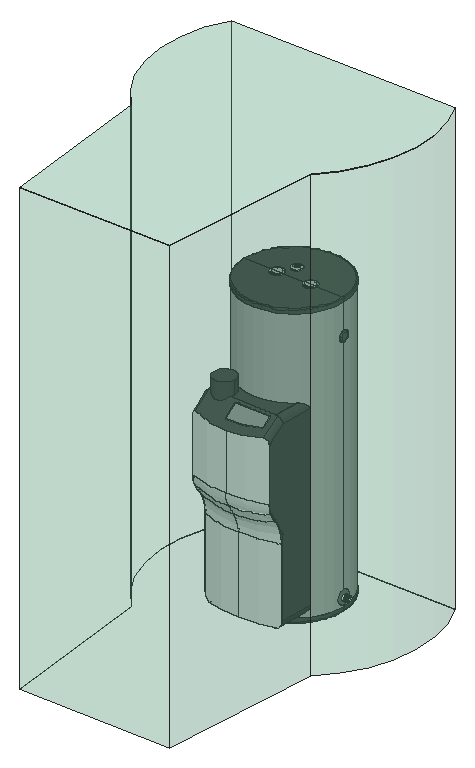
Revit family "Innovo FR_IR 32 380 FR NAT", category Mechanical Equipment, Revit 2015
Parameters (values of type "IR-32-380 FR NAT")
  largeur d'emballage = 786 mm  # constant formula
  l'Intervalle d'Entretien = "12 mois"  # constant formula
  Workspace Radius = Diameter + 170 mm  # 780 mm
  Workspace Height = Hauteur + 1000 mm  # 2745 mm
  Workspace Front Distance = 1000 mm
  Workspace [instance] = yes
  Valve Height 02 = if(and(Hauteur = 1745 mm, Diameter = 675 mm), 1518 mm, if(and(Hauteur = 1745 mm, Diameter = 610 mm), 1534 mm, if(Hauteur = 1545 mm, 1328 mm, 1070 mm)))  # 1534 mm
  Valve Height 01 = if(and(Diameter > 560 mm), 693 mm, 604 mm)  # 693 mm
  Valeur Maximale du Thermostat de Régulation = 85 °C  # constant formula
  Valeur Manimale du Thermostat de Régulation = 40 °C  # constant formula
  Valeur Défaut du Thermostat de Régulation = 65 °C  # constant formula
  URL = "www.aosmith.fr"
  Type d'Installation = "B23/C13/C33/C43/C53/C63"  # constant formula
  Type d'emballage = "Carton et bois"  # constant formula
  Tension d'Alimentation (-15%, +10%) = 230 V  # constant formula
  Température Maximale des Fumées = 57 °C
  Temps de réchauffement à ΔT = 70°C = "49"
  Temps de réchauffement à ΔT = 55°C = "39"
  Temps de réchauffement à ΔT = 50°C = "35"
  Temps de réchauffement à ΔT = 44°C = "31"
  Temps de réchauffement à ΔT = 28°C = "20"
  Spécifications du Produit = ""
  Réglages du thermostat du chauffe-eau = 65 °C  # constant formula
  Réglage Standard Pour = "G20/G25"
  Rendement Saisonnier (Hs) = [Rendement (Hs, acc. NEN-EN 89 - 1999)]  # 97
  Rendement (Hs, acc. NEN-EN 89 - 1999) = 97
  Rendement (Hi, acc. NEN-EN 89 - 1999) = 108
  Raccord Évacuation de la Condensation = 40 mm  # constant formula
  Raccord de la Soupape de Vidange = 1"
  Raccord de Sortie d'Eau Chaude = 1"
  Raccord de Gaz = 15"  # constant formula
  Raccord d'Alimentation en Eau Froide = 3/4"  # constant formula
  Raccord Robinet de Vidange = 3/4"  # constant formula
  Puissance Électrique Absorbée (sommet) = 105 W
  Puissance Électrique Absorbée (nominal) = 51 W
  Profondeur d'emballage = 946 mm  # constant formula
  Profondeur = 780 mm  # constant formula
  Profils de soutirage déclaré = "XXL"
  Production Nominale = "23800.0/23000.0"
  Pression de Fonctionnement Maximale = 800000.0 Pa  # constant formula
  Pression Différentielle d'Ouverture de l'Interrupteur de Pression < = 210.0 Pa
  Pression Amont de Gaz = "2000/2500 Pa"
  Precaustions during assembling, installation or maintenance = "voir Manuel d'installation, d'emploi er d'entretien"  # constant formula
  Poids à vide = 136 kg
  Poids de Transport = 153 kg
  Phase = 1
  Pertes en Veille - tous les jours (24h) = 0 W
  Pertes en Veille = 0 W
  Nombre de modèle du produit (EAN) = "8717449286217"
  Niveau du Son dB (A) = "<45"  # constant formula
  Niveau de puissance acoustique à l'intérieur = "53 dB"
  NOx-émissions mg/kWh = "33.0/25.0"
  NOx-émissions (ven air, 0% O2) ppm = "21.0/15.0"
  Modèdele = "IR-24-285"
  Model = "IR-24-285 FR NAT"
  Marque commerciale = "A.O. Smith"  # constant formula
  Manufacturer = "A.O. Smith Water Products Company b.v."  # constant formula
  Largeur = Diameter  # 610 mm
  La commande intelligente = no
  L'efficacité énergétique pour le chauffage de l'eau (2) = "-"
  L'efficacité énergétique pour le chauffage de l'eau (1) = "91%"
  Hauteur du Raccordement au Gaz = 905 mm
  Hauteur de la Sortie d'eau Chaude = 1745 mm
  Hauteur de l'Alimentation en eau Froide = 170 mm
  Hauteur d'emballage = 1895 mm
  Hauteur Conduit d'Évacuation des Fumées = 1350 mm
  Hauteur Conduit d'Alimentation en Air = 1350 mm
  Hauteur = 1745 mm
  Guide de Produit = ""
  Garantie sur la Cuve = "36 mois"  # constant formula
  Garantie Pièces = "12 mois"  # constant formula
  Fréquence secteur = 50 Hz  # constant formula
  Forctionner qu'en heures creuses = no
  Fabricant No. = "E 7110"  # constant formula
  Epaisseur d'Isolation = 44 mm
  Débit de vidage à ΔT = 70°C après 90 min. = 630.0 L
  Débit de vidage à ΔT = 70°C après 60 min. = 490.0 L
  Débit de vidage à ΔT = 70°C après 30 min. = 340.0 L
  Débit de vidage à ΔT = 70°C après 120 min. = 780.0 L
  Débit de vidage à ΔT = 55°C après 90 min. = 830.0 L
  Débit de vidage à ΔT = 55°C après 60 min. = 650.0 L
  Débit de vidage à ΔT = 55°C après 30 min. = 460.0 L
  Débit de vidage à ΔT = 55°C après 120 min. = 1100.0 L
  Débit de vidage à ΔT = 50°C après 90 min. = 920.0 L
  Débit de vidage à ΔT = 50°C après 60 min. = 720.0 L
  Débit de vidage à ΔT = 50°C après 30 min. = 510.0 L
  Débit de vidage à ΔT = 50°C après 120 min. = 1200.0 L
  Débit de vidage à ΔT = 44°C après 90 min. = 1100.0 L
  Débit de vidage à ΔT = 44°C après 60 min. = 820.0 L
  Débit de vidage à ΔT = 44°C après 30 min. = 590.0 L
  Débit de vidage à ΔT = 44°C après 120 min. = 1300.0 L
  Débit de vidage à ΔT = 28°C après 90 min. = 1700.0 L
  Débit de vidage à ΔT = 28°C après 60 min. = 1400.0 L
  Débit de vidage à ΔT = 28°C après 30 min. = 960.0 L
  Débit de vidage à ΔT = 28°C après 120 min. = 2100.0 L
  Débit de vidage en Continu à ΔT = 70°C = 290.0 L/s
  Débit de vidage en Continu à ΔT = 55°C = 370.0 L/s
  Débit de vidage en Continu à ΔT = 50°C = 410.0 L/s
  Débit de vidage en Continu à ΔT = 44°C = 460.0 L/s
  Débit de vidage en Continu à ΔT = 28°C = 740.0 L/s
  Diamètre Cheminée - Système Parallèle = "2x80"  # constant formula
  Diamètre Cheminée - Système Concentrique = "80/125 mm/mm"  # constant formula
  Diamètre Cheminée - Boiler = "80/125 mm/mm"  # constant formula
  Diameter = 610 mm
  Destination / Country = "France"  # constant formula
  Description = "Préparateur ECS Solaire en Combinaison avec Réservoir de Stockage"  # constant formula
  D'autres profils de soutirage = "-"
  Created By = "http://www.cadcompany.nl/"
  Consommation de Gaz - Volume ltr/hr = "2.30/2.60"
  Consommation de Gaz - Masse kg/h = "a/p"
  Class d'efficacité énergétique (2) = "-"
  Class d'efficacité énergétique (1) = "A"  # constant formula
  Charge Nominale (Valeur Supérieure) = "24400.0/23700.0"
  Charge Nominale (Valeur Inférieure) = "22000.0/21300.0"
  Charge Maximale au Sol = 438 kg
  Catégorie de Gaz = "II2Esi3P"  # constant formula
  Capacité = 285.0 L
  CO2 Émissions (tol. +/- 1.0) vol% = "9.3/9.3"
  CE-PIN = "0063CQ3037"  # constant formula
  BIM Content Developer = "CAD & Company"  # constant formula
  Assembly Code = "D3010"
  Annual fuel consumption (2) = "-"
  Annual fuel consumption (1) = "21 GJ GCV"
  Annual electricity consumption (2) = "-"
  Annual electricity consumption (1) = "45 kWh"
  2ème Entretien (Entretien Général) = "12 mois après l'installation"  # constant formula
  1er Entretien (check-up) = "3 mois après l'installation"  # constant formula
Reference planes
  plane 1 "Center (Front/Back)": y = 0
  plane 2: z = 0
  plane 3 "Center (Left/Right)": x = 0
  plane 4 "Pipe": through (-383.901, 912.349, 194.799) normal (-0.0879, -0.0879, 0.9923)
  plane 5 "footing": y = 118.925
  plane 6 "footing front": y = -237.85
  plane 7: x = -305
  plane 8: x = 305
  plane 9: z = 1745
Forms (mm)
  Revolve 1, solid, material "RAL 9005", detail levels medium+fine
    sketch origin (0, -237.85, 0) x (-1, 0, 0) y (0, 0, 1)
      loop
        line (0, 28.9) -> (-15, 28.9) -> (-15, 26.4) -> (-8.671, 26.4) -> (-8.671, 18) -> (-5.686, 18) -> (-6.626, 17.06) -> (-6.626, 12.06) -> (-8.671, 12.06) -> (-8.671, 10) -> (-10.031, 10) -> (-23.271, 5.181)
        arc (-23.271, 5.181) -> (-23.763, 4.836) -> (-24.017, 4.293) r 1.159
        line (-24.017, 4.293) -> (-24.017, 1.03)
        arc (-24.017, 1.03) -> (-23.715, 0.302) -> (-22.986, 0) r 1.03
        line (-22.986, 0) -> (0, 0) -> (0, 28.9)
      axis (0, 28.9) -> (0, 0)
    angle from 0 to 360
  Revolve 2, solid, material "RAL 9005", detail levels medium+fine
    sketch origin (0, 118.925, 0) x (-1, 0, 0) y (0, 0, 1)
      loop
        line (-205.984, 28.9) -> (-220.984, 28.9) -> (-220.984, 26.4) -> (-214.655, 26.4) -> (-214.655, 18) -> (-211.67, 18) -> (-212.61, 17.06) -> (-212.61, 12.06) -> (-214.655, 12.06) -> (-214.655, 10) -> (-216.015, 10) -> (-229.256, 5.181)
        arc (-229.256, 5.181) -> (-229.747, 4.836) -> (-230.001, 4.293) r 1.159
        line (-230.001, 4.293) -> (-230.001, 1.03)
        arc (-230.001, 1.03) -> (-229.699, 0.302) -> (-228.971, 0) r 1.03
        line (-228.971, 0) -> (-205.984, 0) -> (-205.984, 28.9)
      axis (-205.984, 28.9) -> (-205.984, 0)
    angle from 0 to 360
  Revolve 3, solid, material "RAL 9005", detail levels medium+fine
    sketch origin (0, 118.925, 0) x (-1, 0, 0) y (0, 0, 1)
      loop
        line (204.016, 28.9) -> (189.016, 28.9) -> (189.016, 26.4) -> (195.345, 26.4) -> (195.345, 18) -> (198.33, 18) -> (197.39, 17.06) -> (197.39, 12.06) -> (195.345, 12.06) -> (195.345, 10) -> (193.985, 10) -> (180.744, 5.181)
        arc (180.744, 5.181) -> (180.253, 4.836) -> (179.999, 4.293) r 1.159
        line (179.999, 4.293) -> (179.999, 1.03)
        arc (179.999, 1.03) -> (180.301, 0.302) -> (181.029, 0) r 1.03
        line (181.029, 0) -> (204.016, 0) -> (204.016, 28.9)
      axis (204.016, 28.9) -> (204.016, 0)
    angle from 0 to 360
Lines and regions (mm)
  symbolic lines
    curve 1: line (0, 280.06, 0) -> (0, -280.06, 0)
    curve 2: line (-280.06, 0, 0) -> (280.06, 0, 0)
  symbolic lines, style "Workspace"
    curve 3: line (681.142, 380.06, 0) -> (-681.142, 380.06, 0)
    curve 4: arc (-681.142, 380.06, 0) -> (-777.325, -64.546, 0) -> (-609.127, -487.2, 0) r 780
    curve 5: line (-609.127, -487.2, 0) -> (-421.783, -1517.825, 0)
    curve 6: line (-421.783, -1517.825, 0) -> (424.03, -1517.825, 0)
    curve 7: line (424.03, -1517.825, 0) -> (611.027, -484.816, 0)
    curve 8: arc (611.027, -484.816, 0) -> (777.449, -63.027, 0) -> (681.142, 380.06, 0) r 780
Dimensions and locks
  plane 5 "footing" to plane 1 "Center (Front/Back)" = 118.925 mm
  plane 1 "Center (Front/Back)" to plane 6 "footing front" = 237.85 mm
  "Diameter": plane 7 to plane 8
  equal spacing: plane 7, plane 3 "Center (Left/Right)", plane 8
  "Hauteur": plane 9 to plane 2
  "Workspace Front Distance": curve 6 to nested 3
  "Workspace Radius": radius of curve 4
  "Workspace Radius": radius of curve 8
  aligned and locked: level to plane 2
  aligned and locked: nested 3 to Revolve 1 sketch curve
  aligned and locked: plane 3 "Center (Left/Right)" to Revolve 1 sketch curve
  aligned and locked: nested 3 to plane 1 "Center (Front/Back)"
  aligned and locked: plane 3 "Center (Left/Right)" to nested 3
  aligned and locked: nested 1 to plane 8
  aligned and locked: nested 5 to plane 8
  aligned and locked: nested 2 to plane 7
  aligned and locked: nested 4 to plane 7
  aligned and locked: nested 7 to plane 7
  aligned and locked: nested 8 to plane 3 "Center (Left/Right)"
  aligned and locked: nested 8 to nested 3
  aligned and locked: curve 3 to nested 8
Automatic sketch dimensions
  Revolve 1 sketch curve to level = 0 mm
  plane 3 "Center (Left/Right)" to Revolve 1 sketch curve = 5.686 mm
  Revolve 1 sketch curve to Revolve 1 sketch curve = 0.94 mm  (x2)
  Revolve 1 sketch curve to Revolve 1 sketch curve = 2.046 mm  (x2)
  Revolve 1 sketch curve to Revolve 1 sketch curve = 1.359 mm
  Revolve 1 sketch curve to Revolve 1 sketch curve = 6.329 mm
  level to Revolve 1 sketch curve = 4.091 mm
  Revolve 1 sketch curve to Revolve 1 sketch curve = 12.844 mm
  level to Revolve 1 sketch curve = 1.03 mm
  Revolve 1 sketch curve to Revolve 1 sketch curve = 0.111 mm
  level to Revolve 1 sketch curve = 5.181 mm
  Revolve 1 sketch curve to Revolve 1 sketch curve = 0.745 mm
  level to Revolve 1 sketch curve = 10 mm
  Revolve 1 sketch curve to Revolve 1 sketch curve = 2.06 mm
  Revolve 1 sketch curve to Revolve 1 sketch curve = 5 mm
  Revolve 1 sketch curve to Revolve 1 sketch curve = 8.4 mm
  Revolve 1 sketch curve to Revolve 1 sketch curve = 2.5 mm
  Revolve 1 sketch curve to level = 19.635 mm
  Revolve 1 sketch curve to Revolve 1 sketch curve = 46.465 mm
  Revolve 2 sketch curve to level = 0 mm
  level to Revolve 2 sketch curve = 1.03 mm
  Revolve 2 sketch curve to plane 8 = 74.999 mm
  level to Revolve 2 sketch curve = 5.181 mm
  Revolve 2 sketch curve to Revolve 2 sketch curve = 0.745 mm
  Revolve 2 sketch curve to Revolve 2 sketch curve = 0.397 mm
  Revolve 2 sketch curve to Revolve 2 sketch curve = 8.271 mm
  Revolve 2 sketch curve to Revolve 2 sketch curve = 13.241 mm
  Revolve 2 sketch curve to Revolve 2 sketch curve = 1.359 mm
  Revolve 2 sketch curve to Revolve 2 sketch curve = 6.329 mm
  Revolve 2 sketch curve to Revolve 2 sketch curve = 2.046 mm
  level to Revolve 2 sketch curve = 18 mm
  Revolve 2 sketch curve to Revolve 2 sketch curve = 0.94 mm  (x2)
  Revolve 2 sketch curve to Revolve 2 sketch curve = 8.671 mm
  Revolve 2 sketch curve to Revolve 2 sketch curve = 1.089 mm
  Revolve 2 sketch curve to Revolve 2 sketch curve = 8 mm
  Revolve 2 sketch curve to Revolve 2 sketch curve = 2.06 mm
  Revolve 2 sketch curve to Revolve 2 sketch curve = 8.4 mm
  Revolve 2 sketch curve to Revolve 2 sketch curve = 2.5 mm
  Revolve 2 sketch curve to Revolve 2 sketch curve = 0 mm
  Revolve 2 sketch curve to level = 19.635 mm
  Revolve 2 sketch curve to Revolve 2 sketch curve = 46.465 mm
  Revolve 3 sketch curve to level = 0 mm
  level to Revolve 3 sketch curve = 1.03 mm
  Revolve 3 sketch curve to plane 7 = 125.001 mm
  level to Revolve 3 sketch curve = 5.181 mm
  Revolve 3 sketch curve to Revolve 3 sketch curve = 0.745 mm
  Revolve 3 sketch curve to Revolve 3 sketch curve = 0.397 mm
  Revolve 3 sketch curve to Revolve 3 sketch curve = 8.271 mm
  Revolve 3 sketch curve to Revolve 3 sketch curve = 13.241 mm
  Revolve 3 sketch curve to Revolve 3 sketch curve = 1.359 mm
  Revolve 3 sketch curve to Revolve 3 sketch curve = 6.329 mm
  Revolve 3 sketch curve to Revolve 3 sketch curve = 2.046 mm
  level to Revolve 3 sketch curve = 18 mm
  Revolve 3 sketch curve to Revolve 3 sketch curve = 0.94 mm  (x2)
  Revolve 3 sketch curve to Revolve 3 sketch curve = 8.671 mm
  Revolve 3 sketch curve to Revolve 3 sketch curve = 1.089 mm
  Revolve 3 sketch curve to Revolve 3 sketch curve = 8 mm
  Revolve 3 sketch curve to Revolve 3 sketch curve = 2.06 mm
  Revolve 3 sketch curve to Revolve 3 sketch curve = 8.4 mm
  Revolve 3 sketch curve to Revolve 3 sketch curve = 2.5 mm
  Revolve 3 sketch curve to Revolve 3 sketch curve = 0 mm
  Revolve 3 sketch curve to level = 19.635 mm
  Revolve 3 sketch curve to Revolve 3 sketch curve = 46.465 mm
  curve 4 to curve 8 = 0 mm  (x2)
  plane 1 "Center (Front/Back)" to curve 2 = 0 mm
  curve 1 to plane 3 "Center (Left/Right)" = 0 mm
  plane 1 "Center (Front/Back)" to curve 4 = 0 mm
  curve 4 to plane 3 "Center (Left/Right)" = 0 mm
  curve 5 to plane 6 "footing front" = 249.35 mm
  plane 7 to curve 5 = 116.783 mm
  plane 8 to curve 7 = 119.03 mm
  curve 7 to plane 6 "footing front" = 246.966 mm
  curve 2 to plane 7 = 24.94 mm
  curve 2 to plane 8 = 24.94 mm
  curve 1 to plane 6 "footing front" = 42.21 mm
  plane 5 "footing" to curve 1 = 161.135 mm
Nested families
  nested 1: "Valve" at (305, -0.38, 1534) x (0, 1, 0) z (0, 0, 1), built-in parameter 1001364 <- "Valve Height 02", type "Valve"
  nested 2: "Drain Valve" at (-305, 0, 1534), built-in parameter 1001364 <- "Valve Height 02", type "Drain Valve"
  nested 3: "Housing Mother Housing S 57 (external)" at (0, -299.886, 0), type "Housing Mother_Housing S_57"
    with radius 305 mm, distance to boiler center 154 mm, diameter 610 mm
  nested 4: "Drain Valve" at (-305, 0, 177), type "Drain Valve"
  nested 5: "Drain Valve" at (305, 0, 107) x (-1, 0, 0) z (0, 0, 1), type "Drain Valve"
  nested 6: "Boiler" at (0, 0, 0), height <- "Hauteur", type "Boiler"
    with height 1745 mm, radius 305 mm, Diameter 610 mm
  nested 7: "Drain Valve" at (-305, 0, 693), built-in parameter 1001364 <- "Valve Height 01", type "Drain Valve"
  nested 8: "Innovo_workspace" at (0, 0, 0), Workspace Distance Front <- "Workspace Front Distance", Workspace <- "Workspace", Workspace Height <- "Workspace Height", Workspace Radius <- "Workspace Radius", type "Workspace"
    with Workspace Radius 780 mm, Workspace Height 2745 mm, Workspace Distance Front 1000 mm, Workspace yes, Center to Front 517.825 mm
Connectors
  piping at (339.826, 0, 107), diameter 19.05, driven by "Raccord Robinet de Vidange"
    settings: on nested 5, index 1, connector inside diameter 24", connector length 0 mm, flow factor 0, pipe flow 0.0 L/s, pressure drop 0.0 Pa, fitting loss kfactor 0, connector angle 0.00°, fixture units 0, engagement length 0 mm, angle of deflection 0.00°, flow configuration 0, flow direction 0, fitting loss method 0, system type 19, joint type 0, gender type 0, connector reference index -1, connector utility 0, adjustable connector no, is connector primary yes, connector description ""
  hvac at (-147.013, -346.326, 1310.674)
    settings: on nested 3, index 2, duct flow 0.0 L/s, flow factor 0, pres drop 0.0 Pa, loss coef 0, conn angle 0.00°, conn width 304.8 mm, conn height 304.8 mm, conn diameter 125 mm, duct sys type 4, conn prof type 0, flow config 0, flow direction 0, loss method 0, conn ref index -1, conn util no, is conn primary yes, conn desc ""
Definition of nested family "Valve"
  Parameters (values of type "Valve")
    Type Comments = "T&P valve (internal)"
    Manufacturer = "A.O. Smith"
  Reference planes
    plane 1 "Center (Front/Back)": y = 0
    plane 2: z = 0
    plane 3 "Center (Left/Right)": x = 0
  Forms (mm)
    Extrusion 1, solid, detail levels fine
      sketch origin (0, 0, 0) x (1, 0, 0) y (0, 0, 1)
        loop
          circle (0, 0) r 31.5
      from -2.271 to 1.4
    Sweep 2, solid, detail levels fine
      path origin (0, -1.4, 0) x (1, 0, 0) y (0, 0, 1)
        loop
          circle (0, 0) r 31.5
      profile origin (0, -1.4, 31.5) x (0, 0, -1) y (0, -1, 0)
        loop
          line (7.3, 0) -> (7.3, 3) -> (0, 0) -> (7.3, 0)
  Dimensions and locks
    aligned and locked: level to plane 2
Definition of nested family "Drain Valve"
  Reference planes
    plane 1 "Center (Front/Back)": y = 0
    plane 2: z = 0
    plane 3 "Center (Left/Right)": x = 0
  Forms (mm)
    Revolve 1, solid, detail levels medium+fine
      sketch origin (0, 0, 0) x (1, 0, 0) y (0, 0, 1)
        loop
          line (-33.442, 15.696) -> (-34.826, 14.329) -> (-34.93, 12.731) -> (-16.555, 12.731) -> (-16.555, 0) -> (15.787, 0) -> (15.787, 18.3) -> (-14.4, 18.3) -> (-17.148, 15.533) -> (-18.729, 16.697) -> (-20.091, 15.333) -> (-21.672, 16.496) -> (-23.034, 15.133) -> (-24.614, 16.296) -> (-25.976, 14.932) -> (-27.557, 16.096) -> (-28.919, 14.732) -> (-30.5, 15.896) -> (-31.862, 14.532) -> (-33.442, 15.696)
        axis (-34.93, 0) -> (15.787, 0)
      angle from 0 to 360
  Dimensions and locks
    aligned and locked: level to plane 2
  Nested families
    nested 1: "Rubber sealing" at (2.592, -0.155, 0) x (0.0023, -1, 0) z (0, 0, 1), type "Rubber sealing", detail levels fine
  Definition of nested family "Rubber sealing"
    Reference planes
      plane 1 "Center (Front/Back)": y = 0
      plane 2: z = 0
      plane 3 "Center (Left/Right)": x = 0
    Forms (mm)
      Extrusion 1, solid, detail levels fine
        sketch origin (141.861, 319.581, 0) x (1, 0, 0) y (0, 1, 0)
          loop
            line (-216.354, -311.898) -> (-216.354, -313.94)
            arc (-216.354, -313.94) -> (-141.602, -321.581) -> (-66.861, -313.835) r 366.966
            line (-66.861, -313.835) -> (-66.861, -311.791)
            arc (-66.861, -311.791) -> (-141.602, -319.581) -> (-216.354, -311.898) r 364.966
        from -80 to 80
      Extrusion 2, void
        sketch origin (141.861, 319.581, 0) x (1, 0, 0) y (0, 0, 1)
          loop
            circle (-141.861, 0) r 13
          loop
            circle (-141.861, 0) r 110
          loop
            circle (-141.861, 0) r 40
        from 311.563 to 332.684
      Extrusion 3, void
        sketch origin (141.861, 319.581, 0) x (1, 0, 0) y (0, 0, 1)
          loop
            circle (-141.861, 0) r 18.25
        from 315.524 to 326.084
    Cuts and joins
      Extrusion 2, Extrusion 3 cuts Extrusion 1
    Dimensions and locks
      aligned and locked: level to plane 2
Definition of nested family "Housing Mother Housing S 57 (external)"
  Parameters (values of type "Housing Mother_Housing S_57")
    radius [instance] = 280 mm
    distance to boiler center = if(diameter = 675 mm, 189 mm, if(diameter = 610 mm, 154 mm, 129 mm))  # 129 mm
    diameter = 560 mm
  Reference planes
    plane 1 "Center (Front/Back)": y = 0
    plane 2: z = 0
    plane 3 "Center (Left/Right)": x = 0
    plane 4 "left": through (-245.286, 145.886, 1200) normal (0.9994, 0.0349, 0)
    plane 5: y = -217.939
    plane 6: y = 145.886
    plane 7: z = 1232.6
    plane 8: z = 65.89
    plane 9 "right": through (245.286, 145.886, 1200) normal (0.9994, -0.0349, 0)
    plane 10 "display": through (0, -90.37, 1221.196) normal (0, -0.5736, 0.8192)
    plane 11 "Potentiostat": z = 867.899
    plane 12 "boiler center": y = 274.886
    plane 13: x = -280
    plane 14: x = 280
  Forms (mm)
    Extrusion 1, solid
      sketch origin (0, 0, 0) x (1, 0, 0) y (0, 1, 0)
        loop
          line (-245.286, 145.886) -> (-232.581, -217.939) -> (232.581, -217.939) -> (245.286, 145.886)
          arc (245.286, 145.886) -> (0, 0.923) -> (-245.286, 145.886) r 280
      from 0 to 1232.6
    Sweep 2, void
      path origin (0, 0, 0) x (0, 1, 0) y (0, 0, 1)
        loop
          line (-217.939, 1232.6) -> (-217.939, 795.555)
          arc (-217.939, 795.555) -> (-212.387, 754.285) -> (-197.694, 715.322) r 183.924
          arc (-197.694, 715.322) -> (-179.915, 684.628) -> (-159.106, 655.901) r 348.284
          arc (-159.106, 655.901) -> (-131.411, 600.328) -> (-121.88, 538.973) r 202.254
          line (-121.88, 538.973) -> (-121.88, 61.106)
      profile origin (0, -217.939, 1014.077) x (1, 0, 0) y (0, 1, 0)
        loop
          arc (0, 0) -> (-117.533, 9.941) -> (-231.728, 39.475) r 699.984
          arc (-231.728, 39.475) -> (-233.391, 40.705) -> (-234.07, 42.659) r 3.505
          line (-234.07, 42.659) -> (-254.062, 42.659) -> (-254.062, -142.593) -> (254.07, -142.593) -> (254.07, 42.659) -> (234.07, 42.659)
          arc (234.07, 42.659) -> (233.391, 40.705) -> (231.728, 39.475) r 3.505
          arc (231.728, 39.475) -> (117.533, 9.941) -> (0, 0) r 699.984
    Extrusion 3, void
      sketch origin (0, 0, 0) x (0, 1, 0) y (0, 0, 1)
        loop
          arc (102.864, 70.869) -> (99.804, 70.709) -> (96.874, 69.813) r 12.57
          arc (96.874, 69.813) -> (87.878, 66.533) -> (78.516, 64.529) r 69.114
          arc (78.516, 64.529) -> (76.41, 64.284) -> (74.294, 64.148) r 41.206
          arc (74.294, 64.148) -> (65.203, 64.335) -> (56.122, 64.782) r 318.661
          arc (56.122, 64.782) -> (30.585, 66.179) -> (5.028, 67.128) r 1456.581
          line (5.028, 67.128) -> (-84.534, 73.135)
          arc (-84.534, 73.135) -> (-86.363, 73.808) -> (-87.536, 75.365) r 3.455
          line (-87.536, 75.365) -> (-264.473, 75.365) -> (-264.473, 0) -> (160.886, 0) -> (160.886, 103.945) -> (145.886, 103.945)
          arc (145.886, 103.945) -> (145.104, 97.827) -> (142.923, 92.059) r 26.364
          arc (142.923, 92.059) -> (141.067, 88.936) -> (138.867, 86.045) r 31.715
          arc (138.867, 86.045) -> (135.576, 82.49) -> (132.021, 79.2) r 62.615
          arc (132.021, 79.2) -> (125.841, 74.697) -> (119.091, 71.103) r 54.444
          arc (119.091, 71.103) -> (116.371, 70.272) -> (113.531, 70.123) r 11.669
          line (113.531, 70.123) -> (102.864, 70.869)
      from -254.062 to 254.07
    Sweep 4, void
      path origin (0, 0, 0) x (1, 0, 0) y (0, 1, 0)
        loop
          line (-245.286, 145.886) -> (-232.581, -217.939)
      profile origin (-238.933, -36.027, 0) x (0.999391, 0.034899, 0) y (0, 0, 1)
        loop
          line (-4.454, 0) -> (47.084, 0) -> (47.084, 73.431)
          arc (47.084, 73.431) -> (14.222, 85.134) -> (0.255, 117.1) r 43.922
          line (0.255, 117.1) -> (-4.454, 117.1) -> (-4.454, 0)
    Sweep 5, void
      path origin (0, 0, 0) x (-1, 0, 0) y (0, 1, 0)
        loop
          line (-245.286, 145.886) -> (-232.581, -217.939)
      profile origin (238.933, -36.027, 0) x (0.999391, -0.034899, 0) y (0, 0, 1)
        loop
          line (4.454, 0) -> (4.454, 117.1) -> (-0.255, 117.1)
          arc (-0.255, 117.1) -> (-14.222, 85.134) -> (-47.084, 73.431) r 43.922
          line (-47.084, 73.431) -> (-47.084, 0) -> (4.454, 0)
    Sweep 6, void
      path origin (-239.899, -8.377, 0) x (-0.034899, 0.999391, 0) y (0, 0, 1)
        loop
          line (-209.69, 1141.272) -> (-79.18, 1232.6) -> (154.358, 1232.6)
      profile origin (-241.211, 29.188, 1232.6) x (0, 0, 1) y (0.999391, 0.034899, 0)
        loop
          line (-45, -30) -> (75, -30) -> (75, 0) -> (75, 55) -> (2.799, 55) -> (-1.253, 35.128)
          arc (-1.253, 35.128) -> (-16.771, 9.564) -> (-45, -0.308) r 44.287
          line (-45, -0.308) -> (-45, -30)
    Sweep 7, void
      path origin (239.899, -8.377, 0) x (0.034899, 0.999391, 0) y (0, 0, 1)
        loop
          line (-209.69, 1141.272) -> (-79.18, 1232.6) -> (154.358, 1232.6)
      profile origin (241.211, 29.188, 1232.6) x (0, 0, -1) y (-0.999391, 0.034899, 0)
        loop
          line (-75, -25) -> (45, -25) -> (45, -0.308)
          arc (45, -0.308) -> (16.771, 9.564) -> (1.253, 35.128) r 44.287
          line (1.253, 35.128) -> (-2.799, 55) -> (-75, 55) -> (-75, -25)
    Extrusion 8, void
      sketch origin (0, 0, 0) x (0, 1, 0) y (0, 0, 1)
        loop
          line (-270, 1336.099) -> (-270, 1099.081) -> (68.497, 1336.099) -> (-270, 1336.099)
      from -425.038 to 444.42
    Extrusion 9, solid, detail levels medium+fine
      sketch origin (0, 0, 0) x (1, 0, 0) y (0, 1, 0)
        loop
          circle (-147.013, -46.44) r 65
      from 1163.174 to 1310.674
    Extrusion 10, void
      sketch origin (0, -603.506, 861.895) x (0, 0.819152, 0.573576) y (-1, 0, 0)
        loop
          arc (618.322, -173) -> (623.272, -170.95) -> (625.322, -166) r 7
          line (625.322, -166) -> (625.322, 35)
          arc (625.322, 35) -> (623.272, 39.95) -> (618.322, 42) r 7
          line (618.322, 42) -> (535.473, 42)
          arc (535.473, 42) -> (530.688, 40.11) -> (528.488, 35.46) r 7
          arc (528.488, 35.46) -> (531.569, -67.592) -> (554.18, -168.18) r 540
          arc (554.18, -168.18) -> (556.724, -171.668) -> (560.831, -173) r 7
          line (560.831, -173) -> (618.322, -173)
      from 0 to 137.286
    Sweep 11, solid, detail levels fine
      path origin (0, 0, 867.899) x (-1, 0, 0) y (0, -1, 0)
        loop
          line (309.749, -35.617) -> (204.371, -35.617)
          arc (204.371, -35.617) -> (196.509, -34.687) -> (189.082, -31.947) r 33.677
          line (189.082, -31.947) -> (-9.574, 69.274)
      profile origin (-257.06, 35.617, 867.899) x (0, 1, 0) y (0, 0, 1)
        loop
          circle (0, 0) r 7.316
        loop
          circle (0, 0) r 6.465
    Revolve 12, void
      sketch origin (0, 274.886, 0) x (-1, 0, 0) y (0, 0, 1)
        loop
          line (280, 1243.838) -> (0, 1243.838) -> (0, 54.9) -> (280, 54.9) -> (280, 1243.838)
        axis (0, 1243.838) -> (0, 54.9)
      angle from 0 to 360
  Cuts and joins
    Sweep 2, Extrusion 3, Sweep 4, Sweep 5, Sweep 6, Sweep 7, Extrusion 8, Extrusion 10, Revolve 12 cuts Extrusion 1
  Dimensions and locks
    plane 8 to plane 2 = 65.89 mm
    plane 7 to plane 8 = 1166.71 mm
    "distance to boiler center": plane 12 "boiler center" to plane 6
    "diameter": plane 14 to plane 13
    equal spacing: plane 14, plane 3 "Center (Left/Right)", plane 13
    "radius": plane 3 "Center (Left/Right)" to plane 13
    aligned and locked: level to plane 2
    aligned and locked: Extrusion 1 to plane 7
    aligned and locked: Extrusion 1 sketch curve to plane 5
    aligned and locked: Sweep 2 to Extrusion 3
    aligned and locked: Extrusion 3 to Sweep 2  (x2)
    aligned and locked: plane 7 to Sweep 2 sketch curve
    aligned and locked: plane 3 "Center (Left/Right)" to Revolve 12 sketch curve
    aligned and locked: Revolve 12 sketch curve to plane 3 "Center (Left/Right)"
    aligned and locked: plane 13 to Revolve 12 sketch curve
  Automatic sketch dimensions
    Extrusion 1 sketch curve to plane 4 "left" = 0 mm  (x2)
    Extrusion 1 sketch curve to plane 6 = 0 mm  (x2)
    Extrusion 1 sketch curve to plane 3 "Center (Left/Right)" = 0 mm
    Extrusion 1 sketch curve to plane 9 "right" = 0 mm
    plane 6 to Extrusion 1 sketch curve = 135.037 mm
    Sweep 2 sketch curve to plane 5 = 0 mm
    plane 5 to Sweep 2 sketch curve = 106.195 mm
    Sweep 2 sketch curve to plane 5 = 96.059 mm
    plane 1 "Center (Front/Back)" to Sweep 2 sketch curve = 34.053 mm
    plane 11 "Potentiostat" to Sweep 2 sketch curve = 6.417 mm
    Sweep 2 sketch curve to plane 6 = 33.705 mm
    Sweep 2 sketch curve to plane 11 "Potentiostat" = 68.615 mm
    Sweep 2 sketch curve to plane 11 "Potentiostat" = 72.345 mm
    Sweep 2 sketch curve to Sweep 2 sketch curve = 176.349 mm
    Sweep 2 sketch curve to Sweep 2 sketch curve = 0 mm  (x2)
    plane 8 to Sweep 2 sketch curve = 4.784 mm
    Extrusion 3 sketch curve to level = 0 mm
    Extrusion 3 sketch curve to plane 6 = 0 mm
    Extrusion 3 sketch curve to plane 6 = 26.363 mm
    Extrusion 3 sketch curve to Extrusion 3 sketch curve = 4.75 mm
    Extrusion 3 sketch curve to Extrusion 3 sketch curve = 5.179 mm
    Extrusion 3 sketch curve to plane 8 = 4.232 mm
    Extrusion 3 sketch curve to Extrusion 3 sketch curve = 0.814 mm
    Extrusion 3 sketch curve to plane 8 = 4.978 mm
    Extrusion 3 sketch curve to Extrusion 3 sketch curve = 10.667 mm
    Extrusion 3 sketch curve to Extrusion 3 sketch curve = 0.877 mm
    Extrusion 3 sketch curve to Extrusion 3 sketch curve = 17.827 mm
    Extrusion 3 sketch curve to Extrusion 3 sketch curve = 5.646 mm
    Extrusion 3 sketch curve to plane 6 = 69.562 mm
    Extrusion 3 sketch curve to Extrusion 3 sketch curve = 18.6 mm
    Extrusion 3 sketch curve to Extrusion 3 sketch curve = 22.538 mm
    Extrusion 3 sketch curve to plane 8 = 1.238 mm
    Extrusion 3 sketch curve to plane 1 "Center (Front/Back)" = 5.028 mm
    plane 1 "Center (Front/Back)" to Extrusion 3 sketch curve = 36.224 mm
    Extrusion 3 sketch curve to plane 8 = 10.692 mm
    plane 1 "Center (Front/Back)" to Extrusion 3 sketch curve = 84.302 mm
    Extrusion 3 sketch curve to plane 8 = 7.244 mm
    Extrusion 3 sketch curve to Extrusion 3 sketch curve = 0.231 mm
    Extrusion 3 sketch curve to Extrusion 3 sketch curve = 3.234 mm
    plane 5 to Extrusion 3 sketch curve = 46.534 mm
    plane 6 to Extrusion 3 sketch curve = 15 mm
    Extrusion 3 sketch curve to level = 1388.869 mm
    plane 8 to Extrusion 3 sketch curve = 7.561 mm
    Extrusion 3 sketch curve to Extrusion 3 sketch curve = 11.64 mm
    Extrusion 3 sketch curve to plane 8 = 38.054 mm
    Extrusion 3 sketch curve to Extrusion 3 sketch curve = 22.442 mm
    Extrusion 3 sketch curve to plane 8 = 39.432 mm
    Extrusion 3 sketch curve to Extrusion 3 sketch curve = 2.466 mm
    Extrusion 3 sketch curve to Extrusion 3 sketch curve = 14.17 mm
    Extrusion 3 sketch curve to Extrusion 3 sketch curve = 5.925 mm
    Extrusion 3 sketch curve to Extrusion 3 sketch curve = 6.186 mm
    Extrusion 3 sketch curve to Extrusion 3 sketch curve = 249.85 mm
    Extrusion 3 sketch curve to Extrusion 3 sketch curve = 0 mm  (x4)
    Extrusion 3 sketch curve to Extrusion 3 sketch curve = 6.845 mm
    plane 8 to Extrusion 3 sketch curve = 1.743 mm
    Sweep 4 sketch curve to plane 4 "left" = 0 mm  (x2)
    Sweep 4 sketch curve to plane 6 = 0 mm
    plane 5 to Sweep 4 sketch curve = 0 mm
    Sweep 4 sketch curve to level = 0 mm
    profile plane to Sweep 4 sketch curve = 4.454 mm
    Sweep 4 sketch curve to profile plane = 0.255 mm
    Sweep 4 sketch curve to Sweep 4 sketch curve = 43.922 mm
    Sweep 4 sketch curve to profile plane = 47.084 mm
    level to Sweep 4 sketch curve = 73.431 mm
    Sweep 4 sketch curve to Sweep 4 sketch curve = 43.669 mm
    Sweep 5 sketch curve to plane 6 = 0 mm
    Sweep 5 sketch curve to plane 9 "right" = 0 mm  (x2)
    plane 5 to Sweep 5 sketch curve = 0 mm
    Sweep 5 sketch curve to level = 0 mm
    profile plane to Sweep 5 sketch curve = 47.084 mm
    Sweep 5 sketch curve to Sweep 5 sketch curve = 2.907 mm
    profile plane to Sweep 5 sketch curve = 0.255 mm
    Sweep 5 sketch curve to profile plane = 4.454 mm
    level to Sweep 5 sketch curve = 73.431 mm
    Sweep 5 sketch curve to Sweep 5 sketch curve = 43.669 mm
    Sweep 6 sketch curve to plane 7 = 0 mm
    plane 7 to Sweep 6 sketch curve = 91.328 mm
    Sweep 6 sketch curve to Sweep 6 sketch curve = 130.509 mm
    Sweep 6 sketch curve to Sweep 6 sketch curve = 233.538 mm
    Sweep 6 sketch curve to plane 4 "left" = 0 mm
    profile plane to Sweep 6 sketch curve = 45 mm
    Sweep 6 sketch curve to Sweep 6 sketch curve = 0.354 mm
    profile plane to Sweep 6 sketch curve = 1.253 mm
    Sweep 6 sketch curve to profile plane = 2.799 mm
    Sweep 6 sketch curve to Sweep 6 sketch curve = 72.201 mm
    Sweep 6 sketch curve to plane 4 "left" = 0.308 mm
    Sweep 6 sketch curve to Sweep 6 sketch curve = 29.692 mm
    plane 4 "left" to Sweep 6 sketch curve = 35.128 mm
    plane 4 "left" to Sweep 6 sketch curve = 55 mm
    Sweep 7 sketch curve to plane 7 = 0 mm
    Sweep 7 sketch curve to plane 7 = 91.328 mm
    Sweep 7 sketch curve to Sweep 7 sketch curve = 130.509 mm
    Sweep 7 sketch curve to Sweep 7 sketch curve = 233.538 mm
    Sweep 7 sketch curve to plane 9 "right" = 25 mm
    profile plane to Sweep 7 sketch curve = 75 mm
    profile plane to Sweep 7 sketch curve = 2.799 mm
    Sweep 7 sketch curve to profile plane = 1.253 mm
    Sweep 7 sketch curve to Sweep 7 sketch curve = 43.393 mm
    Sweep 7 sketch curve to profile plane = 45 mm
    Sweep 7 sketch curve to plane 9 "right" = 0.308 mm
    plane 9 "right" to Sweep 7 sketch curve = 35.128 mm
    Sweep 7 sketch curve to Sweep 7 sketch curve = 19.872 mm
    plane 5 to Extrusion 8 sketch curve = 52.061 mm
    Extrusion 8 sketch curve to plane 1 "Center (Front/Back)" = 68.497 mm
    plane 7 to Extrusion 8 sketch curve = 133.519 mm
    Extrusion 8 sketch curve to plane 7 = 103.499 mm
    plane 1 "Center (Front/Back)" to Extrusion 9 sketch curve = 46.44 mm
    Extrusion 9 sketch curve to plane 3 "Center (Left/Right)" = 147.013 mm
    Extrusion 10 sketch curve to plane 3 "Center (Left/Right)" = 0 mm
    Extrusion 10 sketch curve to plane 3 "Center (Left/Right)" = 35 mm
    Extrusion 10 sketch curve to Extrusion 10 sketch curve = 25.359 mm
    Extrusion 10 sketch curve to Extrusion 10 sketch curve = 57.491 mm
    Extrusion 10 sketch curve to plane 3 "Center (Left/Right)" = 42 mm
    Extrusion 10 sketch curve to Extrusion 10 sketch curve = 82.85 mm
    Extrusion 10 sketch curve to Extrusion 10 sketch curve = 7 mm
    Extrusion 10 sketch curve to Extrusion 10 sketch curve = 442 mm
    plane 3 "Center (Left/Right)" to Extrusion 10 sketch curve = 166 mm
    Extrusion 10 sketch curve to Extrusion 10 sketch curve = 0 mm  (x2)
    Sweep 11 sketch curve to plane 1 "Center (Front/Back)" = 31.947 mm
    Sweep 11 sketch curve to plane 3 "Center (Left/Right)" = 189.082 mm
    Sweep 11 sketch curve to plane 1 "Center (Front/Back)" = 1.94 mm
    Sweep 11 sketch curve to Sweep 11 sketch curve = 15.289 mm
    plane 3 "Center (Left/Right)" to Sweep 11 sketch curve = 9.574 mm
    Sweep 11 sketch curve to Sweep 11 sketch curve = 105.378 mm
    plane 1 "Center (Front/Back)" to Sweep 11 sketch curve = 69.274 mm
    Sweep 11 sketch curve to Sweep 11 sketch curve = 0 mm  (x2)
    Sweep 11 sketch curve to plane 11 "Potentiostat" = 0 mm
    Sweep 11 sketch curve to profile plane = 0 mm
    plane 8 to Revolve 12 sketch curve = 10.99 mm
    Revolve 12 sketch curve to plane 7 = 11.238 mm
    Revolve 12 sketch curve to level = 366.045 mm
    Revolve 12 sketch curve to Revolve 12 sketch curve = 971.917 mm
    Sweep 2 sketch curve to plane 3 "Center (Left/Right)" = 0 mm
    profile plane to Sweep 2 sketch curve = 0 mm
    Sweep 2 sketch curve to plane 3 "Center (Left/Right)" = 0.016 mm
    Sweep 2 sketch curve to profile plane = 42.782 mm  (x2)
    Sweep 2 sketch curve to plane 3 "Center (Left/Right)" = 230.568 mm
    plane 3 "Center (Left/Right)" to Sweep 2 sketch curve = 0.016 mm
    plane 3 "Center (Left/Right)" to Sweep 2 sketch curve = 230.568 mm
    Sweep 2 sketch curve to Sweep 2 sketch curve = 3.502 mm  (x2)
    Sweep 2 sketch curve to Sweep 2 sketch curve = 20 mm
    profile plane to Sweep 2 sketch curve = 142.593 mm
    Sweep 2 sketch curve to Sweep 2 sketch curve = 0.122 mm  (x2)
    Sweep 2 sketch curve to Sweep 2 sketch curve = 657.203 mm
    Sweep 2 sketch curve to Sweep 2 sketch curve = 19.991 mm
    radius of Extrusion 9 sketch curve = 65 mm
    radius of Sweep 11 sketch curve = 7.316 mm
    radius of Sweep 11 sketch curve = 6.465 mm
  Nested families
    nested 1: "display" at (65.5, -130.939, 1192.79) x (-1, 0, 0) z (0, -0.5736, 0.8192), type "display"
  Definition of nested family "display"
    Parameters (values of type "display")
      Default Elevation = 1219.2 mm
    Reference planes
      plane 1 "Center (Front/Back)": y = 0
      plane 2: z = 0
      plane 3 "Center (Left/Right)": x = 0
    Forms (mm)
      Extrusion 1, solid, detail levels medium+fine
        sketch origin (-16.958, 11.842, -343.878) x (1, 0, 0) y (0, 0, -1)
          loop
            line (-233.523, -343.878) -> (-233.523, -346.592) -> (332.686, -346.592) -> (332.686, -343.878) -> (-233.523, -343.878)
        from -228.7 to 150.822
      Extrusion 2, void
        sketch origin (-16.958, 6.842, -343.878) x (1, 0, 0) y (0, 1, 0)
          loop
            line (-233.523, 155.822) -> (-233.523, -223.7) -> (332.686, -223.7) -> (332.686, 155.822) -> (-233.523, 155.822)
          loop
            arc (-90.542, -48.267) -> (-88.492, -53.216) -> (-83.542, -55.267) r 7
            line (-83.542, -55.267) -> (117.458, -55.267)
            arc (117.458, -55.267) -> (122.408, -53.216) -> (124.458, -48.267) r 7
            line (124.458, -48.267) -> (124.458, 34.583)
            arc (124.458, 34.583) -> (122.568, 39.368) -> (117.918, 41.568) r 7
            arc (117.918, 41.568) -> (14.866, 38.487) -> (-85.722, 15.876) r 540
            arc (-85.722, 15.876) -> (-89.21, 13.332) -> (-90.542, 9.224) r 7
            line (-90.542, 9.224) -> (-90.542, -48.267)
        from 328.878 to 363.083
    Cuts and joins
      Extrusion 2 cuts Extrusion 1
    Dimensions and locks
      aligned and locked: level to plane 2
Definition of nested family "Boiler"
  Parameters (values of type "Boiler")
    radius [instance] = 280 mm
    height [instance] = 1270 mm
    Diameter = 560 mm
  Reference planes
    plane 1 "Center (Front/Back)": y = 0
    plane 2: z = 0
    plane 3 "Center (Left/Right)": x = 0
    plane 4: z = 1243.838
    plane 5: z = 1270
    plane 6 "bottom": z = 28.9
    plane 7: z = 54.9
    plane 8 "top controle": y = 88
    plane 9: x = -280
    plane 10: x = 280
  Forms (mm)
    Revolve 1, solid
      sketch origin (0, 0, 0) x (1, 0, 0) y (0, 0, 1)
        loop
          line (0, 54.9) -> (-280, 54.9) -> (-280, 32.9)
          arc (-280, 32.9) -> (-278.828, 30.072) -> (-276, 28.9) r 4
          line (-276, 28.9) -> (0, 28.9) -> (0, 54.9)
        axis (0, 28.9) -> (0, 54.9)
      angle from 0 to 360
    Revolve 2, solid
      sketch origin (1.311, 0, 0) x (1, 0, 0) y (0, 0, 1)
        loop
          line (-278.86, 1243.838) -> (-278.86, 54.9) -> (-1.311, 54.9) -> (-1.311, 1243.838) -> (-278.86, 1243.838)
        axis (-1.311, 1243.838) -> (-1.311, 54.9)
      angle from 0 to 360
    Revolve 3, solid
      sketch origin (-9.205, 0, 377.212) x (-1, 0, 0) y (0, 0, 1)
        loop
          line (-148.904, 892.788) -> (-110.805, 892.788) -> (-110.805, 895.963) -> (-141.883, 895.963) -> (-148.904, 893.62) -> (-148.904, 892.788)
        axis (-110.805, 892.788) -> (-110.805, 895.963)
      angle from 0 to 360
    Revolve 4, solid
      sketch origin (0, 0, 718.065) x (1, 0, 0) y (0, 0, -1)
        loop
          line (0, -525.773) -> (-280, -525.773) -> (-280, -547.935)
          arc (-280, -547.935) -> (-278.828, -550.763) -> (-276, -551.935) r 4
          line (-276, -551.935) -> (0, -551.935) -> (0, -525.773)
        axis (0, -551.935) -> (0, -525.773)
      angle from 0 to 360
    Revolve 5, solid
      sketch origin (0, 88, 0) x (1, 0, 0) y (0, 0, 1)
        loop
          line (-19.051, 1270) -> (-19.051, 1271.074) -> (-32.63, 1275.604) -> (-32.63, 1271.117) -> (-37.266, 1271.117) -> (-38.383, 1270) -> (-19.051, 1270)
        axis (-50.8, 1270) -> (-50.8, 1275.604)
      angle from 0 to 360
    Revolve 6, solid
      sketch origin (-217.12, 0, 372.245) x (-1, 0, 0) y (0, 0, 1)
        loop
          line (-153.622, 897.755) -> (-115.52, 897.755) -> (-115.52, 900.93) -> (-146.626, 900.93) -> (-153.622, 898.596) -> (-153.622, 897.755)
        axis (-115.52, 897.755) -> (-115.52, 900.93)
      angle from 0 to 360
  Dimensions and locks
    "height": plane 5 to plane 2
    plane 6 "bottom" to plane 2 = 28.9 mm
    locked: plane 5 to plane 4 at 26.162
    locked: plane 1 "Center (Front/Back)" to plane 8 "top controle" at 88
    "Diameter": plane 10 to plane 9
    equal spacing: plane 10, plane 3 "Center (Left/Right)", plane 9
    "radius": plane 3 "Center (Left/Right)" to plane 9
    locked: plane 9 to Revolve 2 sketch curve at 2.452
    aligned and locked: level to plane 2
    aligned and locked: Revolve 2 sketch curve to plane 7
    aligned and locked: Revolve 2 sketch curve to plane 4
    aligned and locked: Revolve 1 sketch curve to plane 7
    aligned and locked: plane 6 "bottom" to Revolve 1 sketch curve
    aligned and locked: Revolve 4 sketch curve to plane 3 "Center (Left/Right)"
    aligned and locked: plane 5 to Revolve 4 sketch curve
    aligned and locked: Revolve 4 sketch curve to plane 4
    aligned and locked: plane 9 to Revolve 4 sketch curve
    aligned and locked: Revolve 1 sketch curve to plane 9
    aligned and locked: Revolve 2 sketch curve to plane 3 "Center (Left/Right)"
    aligned and locked: plane 3 "Center (Left/Right)" to Revolve 2 sketch curve
  Automatic sketch dimensions
    Revolve 1 sketch curve to plane 3 "Center (Left/Right)" = 0 mm  (x2)
    Revolve 1 sketch curve to Revolve 1 sketch curve = 4 mm
    Revolve 1 sketch curve to level = 40 mm
    Revolve 1 sketch curve to Revolve 1 sketch curve = 305.1 mm
    Revolve 2 sketch curve to level = 366.045 mm
    Revolve 2 sketch curve to plane 5 = 945.755 mm
    Revolve 3 sketch curve to plane 5 = 0 mm
    Revolve 3 sketch curve to plane 3 "Center (Left/Right)" = 139.699 mm
    plane 5 to Revolve 3 sketch curve = 3.175 mm
    Revolve 3 sketch curve to Revolve 3 sketch curve = 7.022 mm
    Revolve 3 sketch curve to Revolve 3 sketch curve = 31.078 mm
    Revolve 3 sketch curve to Revolve 3 sketch curve = 0.832 mm
    Revolve 3 sketch curve to Revolve 3 sketch curve = 0 mm
    Revolve 3 sketch curve to Revolve 3 sketch curve = 2.338 mm
    Revolve 3 sketch curve to Revolve 3 sketch curve = 4.487 mm
    Revolve 4 sketch curve to plane 3 "Center (Left/Right)" = 0 mm
    Revolve 4 sketch curve to Revolve 4 sketch curve = 4 mm
    Revolve 4 sketch curve to Revolve 4 sketch curve = 68.738 mm
    Revolve 4 sketch curve to Revolve 4 sketch curve = 305.1 mm
    Revolve 6 sketch curve to plane 5 = 0 mm
    plane 3 "Center (Left/Right)" to Revolve 6 sketch curve = 63.497 mm
    plane 5 to Revolve 6 sketch curve = 3.175 mm
    Revolve 6 sketch curve to Revolve 6 sketch curve = 6.997 mm
    Revolve 6 sketch curve to Revolve 6 sketch curve = 31.106 mm
    Revolve 6 sketch curve to Revolve 6 sketch curve = 0.84 mm
    Revolve 6 sketch curve to Revolve 6 sketch curve = 0 mm
    Revolve 6 sketch curve to Revolve 6 sketch curve = 7.216 mm
    Revolve 6 sketch curve to Revolve 6 sketch curve = 0.391 mm
    Revolve 5 sketch curve to Revolve 5 sketch curve = 13.578 mm
    Revolve 5 sketch curve to Revolve 5 sketch curve = 1.074 mm
    Revolve 5 sketch curve to Revolve 5 sketch curve = 12.417 mm
    Revolve 5 sketch curve to Revolve 5 sketch curve = 5.753 mm
    Revolve 5 sketch curve to plane 5 = 1.117 mm
    Revolve 5 sketch curve to Revolve 5 sketch curve = 1.117 mm
    plane 5 to Revolve 5 sketch curve = 4.396 mm
    Revolve 5 sketch curve to plane 5 = 0 mm
    Revolve 5 sketch curve to Revolve 5 sketch curve = 4.487 mm
    Revolve 5 sketch curve to plane 3 "Center (Left/Right)" = 38.383 mm
    Revolve 5 sketch curve to plane 5 = 5.604 mm
Definition of nested family "Innovo_workspace"
  Parameters (values of type "Workspace")
    Workspace Radius [instance] = 730 mm
    Workspace Height [instance] = 2270 mm
    Workspace Distance Front [instance] = 1000 mm
    Workspace [instance] = yes
    URL = "www.aosmith.nl"
    Model = ""
    Manufacturer = "A.O. Smith Water Products Company b.v."  # constant formula
    Description = ""
    Created By = ""
    Center to Front [instance] = 492.825 mm
    BIM Content Developer = "CAD & Company"  # constant formula
    Assembly Code = ""
  Reference planes
    plane 1 "Center (Front/Back)": y = 0
    plane 2: z = 0
    plane 3 "Center (Left/Right)": x = 0
    plane 4 "Pipe": through (-383.901, 912.349, 194.799) normal (-0.0879, -0.0879, 0.9923)
    plane 5 "front": y = -492.825
  Forms (mm)
    Extrusion 1, solid, visible <- "Workspace"
      sketch origin (0, 0, 0) x (1, 0, 0) y (0, 1, 0)
        loop
          line (456.53, -1492.825) -> (500.201, -531.695)
          arc (500.201, -531.695) -> (723.44, -97.643) -> (623.261, 380.06) r 730
          line (623.261, 380.06) -> (-623.261, 380.06)
          arc (-623.261, 380.06) -> (-723.227, -99.209) -> (-497.893, -533.856) r 730
          line (-497.893, -533.856) -> (-454.283, -1492.825) -> (456.53, -1492.825)
      from 0 to 2270 <- "Workspace Height"
  Lines and regions (mm)
    symbolic lines
      curve 1: line (0, 280.06, 0) -> (0, -280.06, 0)
      curve 2: line (-255.06, 0, 0) -> (255.06, 0, 0)
  Dimensions and locks
    locked: Extrusion 1 sketch curve to curve 1 at 100
    "Workspace Distance Front": plane 5 "front" to Extrusion 1
    "Center to Front": plane 1 "Center (Front/Back)" to plane 5 "front"
    "Workspace Radius": radius of Extrusion 1 sketch curve  (x2)
    aligned and locked: level to plane 2
  Automatic sketch dimensions
    plane 1 "Center (Front/Back)" to curve 2 = 0 mm
    curve 1 to plane 3 "Center (Left/Right)" = 0 mm
    plane 3 "Center (Left/Right)" to curve 2 = 255.06 mm
    curve 1 to plane 1 "Center (Front/Back)" = 280.06 mm
    curve 2 to plane 3 "Center (Left/Right)" = 255.06 mm
    plane 5 "front" to curve 1 = 212.765 mm
    Extrusion 1 sketch curve to Extrusion 1 sketch curve = 0 mm  (x2)
    plane 1 "Center (Front/Back)" to Extrusion 1 sketch curve = 0 mm
    Extrusion 1 sketch curve to plane 3 "Center (Left/Right)" = 0 mm
    Extrusion 1 sketch curve to plane 5 "front" = 41.031 mm
    Extrusion 1 sketch curve to plane 3 "Center (Left/Right)" = 454.283 mm
    plane 3 "Center (Left/Right)" to Extrusion 1 sketch curve = 456.53 mm
    Extrusion 1 sketch curve to plane 5 "front" = 38.869 mm
    Extrusion 1 sketch curve to Extrusion 1 sketch curve = 961.131 mm
